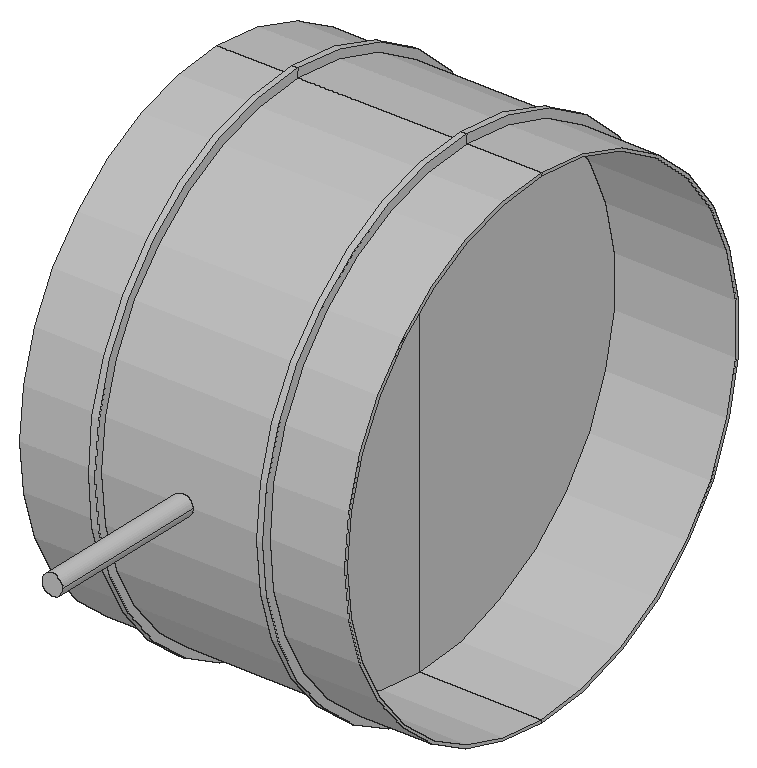
Revit family "Damper-Control-Carnes-Round-FAHA", category Duct Accessories, Revit 2012
Parameters (values of type "(See Type Catalog)")
  ecoScorecard_data = ""
  ecoScorecard Product Page = "http://www.ecoscorecard.com"
  URL = "http://www.carnes.com/index.html"
  Subcategory = "Louvers and Dampers"
  Specifications URL = "http://www.carnes.com/Louvers/pdf/17164.pdf"
  Shaft Diameter = 0.00"
  Product Page URL = "http://www.carnes.com/Louvers/FAHA.htm"
  Product Line = "Round Dampers"
  Pressure Drop = 0.00 in-wg
  Model = "FAHA"
  Minimum Size = "4\" Diameter"
  Maximum Vertical Size = "46\" Diameter"
  Maximum Velocity = 0 FPM
  Maximum Pressure Differential = 0.00"
  Maximum Horinzontal Size = "46\" Diameter"
  Manufacturer Toll Free Phone = ""
  Manufacturer Phone = "608-845-6411"
  Manufacturer Fax = "608-845-6470"
  Manufacturer Email = "mailto:carnes@carnes.com"
  Manufacturer Address = "448 S. Main St., P. O. Box 930040, Verona, WI 53593-0040"
  Manufacturer = "Carnes Company"
  Outside Diameter = Diameter Control + 0.13"  # 12.13"
  Frame Material = Aluminum - Carnes - Extruded
  Duct Connection Radius = Diameter Control / 2  # 6.00"
  Diameter Control = if(Diameter < 4.00", 4.00", if(Diameter > 46.00", 46.00", Diameter))  # 12.00"
  Diameter = 12.00"
  Description = "Round Dampers"
  Depth = 8.00"
  Damper Air Flow = 0 CFM
  Cost Info = "mailto:carnes@carnes.com"
  Connector Descriptor 2 = "Duct Connection 2"
  Connector Descriptor 1 = "Duct Connection 1"
  Catalog URL = "http://www.carnes.com/Louvers/pdf/f83.pdf"
  Body and Blade Gauge = ""
  Blade Material = Aluminum - Carnes - Extruded
  Assembly Code = "D3090700"
  Bearing Lenght = 4.00"
  95 CSI = "10200"
  04 CSI = "08 91 00"
Reference planes (in)
  plane 1 "Center (Front/Back)": y = 0
  plane 2: z = 0
  plane 3 "Center (Left/Right)": x = 0
  plane 4 "Back": y = 6
  plane 5 "Front": y = -6
  plane 6: y = 6.065
  plane 7: y = -6.065
  plane 8: y = -10.065
  plane 9 "Left": x = -4
  plane 10 "Right": x = 4
  plane 11: x = -2
  plane 12: x = 2
  plane 13: z = 6.07
Forms (in)
  Revolve 1, solid, material "Aluminum - Carnes - Extruded" <- "Frame Material"
    sketch origin (0, 0, 0) x (1, 0, 0) y (0, 0, 1)
      loop
        line (-4, 6) -> (-1, 6) -> (-1, 0) -> (1, 0) -> (1, 6) -> (4, 6) -> (4, 6.07) -> (2.15, 6.07) -> (2.15, 6.275) -> (2, 6.275) -> (2, 6.07) -> (-2, 6.07) -> (-2, 6.275) -> (-2.15, 6.275) -> (-2.15, 6.07) -> (-4, 6.07) -> (-4, 6)
      axis (-4, 0) -> (4, 0)
    angle from 0 to 360
  Extrusion 2, solid, material "Aluminum - Carnes - Extruded" <- "Frame Material", detail levels medium+fine
    sketch origin (0, 0, 0) x (1, 0, 0) y (0, 0, 1)
      loop
        circle (0, 0) r 0.25
    from 6 to 10.065
Lines and regions (in)
  Masking region 1
    outline origin (0, 0, 0) x (1, 0, 0) y (0, 1, 0)
      loop
        line (-4, -6.065) -> (-2, -6.065) -> (-2, -10.065) -> (2, -10.065) -> (2, -6.065) -> (4, -6.065) -> (4, 6.065) -> (-4, 6.065) -> (-4, -6.065)
  symbolic lines, detail levels medium+fine
    curve 1: line (-3.9375, -6.065, 0) -> (-3.9375, 6.065, 0)
    curve 2: line (3.9375, -6.065, 0) -> (3.9375, 6.065, 0)
    curve 5: line (-2, -6.065, 0) -> (2, -6.065, 0)
  symbolic lines, detail levels fine
    curve 3: line (-2, 6.065, 0) -> (-2, -6.065, 0)
    curve 4: line (2, 6.065, 0) -> (2, -6.065, 0)
Dimensions and locks (in)
  equal spacing: plane 4 "Back", plane 1 "Center (Front/Back)", plane 5 "Front"
  equal spacing: plane 6, plane 1 "Center (Front/Back)", plane 7
  "Duct Connection Radius": Revolve 1 sketch curve to plane 2
  Revolve 1 sketch curve to plane 3 "Center (Left/Right)" to Revolve 1 sketch curve = 1.00" locked, 1.00" locked
  "Bearing Lenght": plane 7 to plane 8
  locked: Revolve 1 sketch curve to Revolve 1 sketch curve at 0.07
  equal spacing: plane 9 "Left", plane 3 "Center (Left/Right)", plane 10 "Right"
  "Depth": plane 9 "Left" to plane 10 "Right"
  locked: plane 1 "Center (Front/Back)" to connector elem at 0
  locked: connector elem to level
  locked: connector elem to level at 0
  locked: plane 1 "Center (Front/Back)" to connector elem
  equal spacing: plane 12, plane 3 "Center (Left/Right)", plane 11
  locked: Revolve 1 sketch curve to plane 11 at 0.15
  locked: plane 12 to Revolve 1 sketch curve at 0.15
  "Diameter Control": plane 4 "Back" to plane 5 "Front"
  "Outside Diameter": plane 6 to plane 7
  locked: plane 12 to plane 11 at 4
  radius of Extrusion 2 sketch curve = 0.25"
  aligned and locked: level to plane 2
  aligned and locked: Revolve 1 sketch curve to plane 2  (x2)
  aligned and locked: plane 3 "Center (Left/Right)" to Extrusion 2 sketch curve
  aligned and locked: Extrusion 2 to plane 8
  aligned and locked: Extrusion 2 to plane 5 "Front"
  aligned and locked: Revolve 1 sketch curve to plane 9 "Left"
  aligned and locked: Revolve 1 sketch curve to plane 10 "Right"
  aligned and locked: plane 7 to curve 1
  aligned and locked: plane 7 to curve 2
  aligned and locked: plane 6 to curve 1
  aligned and locked: plane 6 to curve 2
  aligned and locked: Revolve 1 sketch curve to Revolve 1 sketch curve  (x3)
  aligned and locked: plane 12 to Revolve 1 sketch curve
  aligned and locked: plane 11 to Revolve 1 sketch curve
  aligned and locked: plane 2 to Extrusion 2 sketch curve
  aligned and locked: plane 6 to curve 3
  aligned and locked: plane 6 to curve 4
  aligned and locked: plane 7 to curve 3
  aligned and locked: plane 7 to curve 4
  aligned and locked: curve 4 to plane 12
  aligned and locked: curve 3 to plane 11
  aligned and locked: Masking region 1 sketch curve to plane 9 "Left"
  aligned and locked: Masking region 1 sketch curve to plane 6
  aligned and locked: plane 8 to Masking region 1 sketch curve
  aligned and locked: plane 11 to Masking region 1 sketch curve
  aligned and locked: plane 12 to Masking region 1 sketch curve
  aligned and locked: plane 11 to curve 5
  aligned and locked: plane 12 to curve 5
Automatic sketch dimensions
  plane 9 "Left" to Revolve 1 sketch curve = 0.79275"
  plane 10 "Right" to Revolve 1 sketch curve = 3.20725"
  Revolve 1 sketch curve to Revolve 1 sketch curve = 0.205"  (x2)
  curve 1 to plane 9 "Left" = 0.0625"
  curve 2 to plane 10 "Right" = 0.0625"
  Masking region 1 sketch curve to plane 10 "Right" = 0.00"
  plane 7 to Masking region 1 sketch curve = 0.00"  (x2)
Connectors (in)
  hvac at (-4, 0, 0), driven by "Duct Connection Radius", driven by "Damper Air Flow", driven by "Connector Descriptor 1", driven by "Pressure Drop"
    settings: index 1, duct flow 0 CFM, flow factor 0, pres drop 0.00 in-wg, loss coef 0, conn angle 0.00°, conn width 12", conn height 12", conn radius 6", duct sys type 29, conn prof type 0, flow config 0, flow direction 0, loss method 4, conn ref index 2, conn util no, is conn primary yes, conn desc "Duct Connection 1"
  hvac at (4, 0, 0), driven by "Duct Connection Radius", driven by "Damper Air Flow", driven by "Connector Descriptor 2", driven by "Pressure Drop"
    settings: index 2, duct flow 0 CFM, flow factor 0, pres drop 0.00 in-wg, loss coef 0, conn angle 0.00°, conn width 12", conn height 12", conn radius 6", duct sys type 29, conn prof type 0, flow config 0, flow direction 0, loss method 4, conn ref index 1, conn util no, is conn primary no, conn desc "Duct Connection 2"
Types in the file's own list only (43): name | Shaft Diameter | Maximum Velocity | Maximum Pressure Differential | Outside Diameter | Duct Connection Radius | Diameter Control | Diameter | Depth | Body and Blade Gauge | Bearing Lenght
  4” Dia - 2600 Max Velocity | 0.50 " | 2600 FPM | 6.00 " | 4.13 " | 2.00 " | 4.00 " | 4.00 " | 8.00 " | "24 ga." | 4.00 "
  5” Dia - 2600 Max Velocity | 0.50 " | 2600 FPM | 6.00 " | 5.13 " | 2.50 " | 5.00 " | 5.00 " | 8.00 " | "24 ga." | 4.00 "
  6” Dia - 2600 Max Velocity | 0.50 " | 2600 FPM | 6.00 " | 6.13 " | 3.00 " | 6.00 " | 6.00 " | 8.00 " | "24 ga." | 4.00 "
  7” Dia - 2600 Max Velocity | 0.50 " | 2600 FPM | 6.00 " | 7.13 " | 3.50 " | 7.00 " | 7.00 " | 8.00 " | "24 ga." | 4.00 "
  8” Dia - 2600 Max Velocity | 0.50 " | 2600 FPM | 6.00 " | 8.13 " | 4.00 " | 8.00 " | 8.00 " | 8.00 " | "24 ga." | 4.00 "
  9” Dia - 2600 Max Velocity | 0.50 " | 2600 FPM | 6.00 " | 9.13 " | 4.50 " | 9.00 " | 9.00 " | 8.00 " | "24 ga." | 4.00 "
  10” Dia - 2400 Max Velocity | 0.50 " | 2400 FPM | 5.00 " | 10.13 " | 5.00 " | 10.00 " | 10.00 " | 8.00 " | "24 ga." | 4.00 "
  11” Dia - 2400 Max Velocity | 0.50 " | 2400 FPM | 5.00 " | 11.13 " | 5.50 " | 11.00 " | 11.00 " | 8.00 " | "24 ga." | 4.00 "
  12” Dia - 2400 Max Velocity | 0.50 " | 2400 FPM | 5.00 " | 12.13 " | 6.00 " | 12.00 " | 12.00 " | 8.00 " | "20 ga." | 4.00 "
  13” Dia - 2400 Max Velocity | 0.50 " | 2400 FPM | 5.00 " | 13.13 " | 6.50 " | 13.00 " | 13.00 " | 8.00 " | "20 ga." | 4.00 "
  14” Dia - 2300 Max Velocity | 0.50 " | 2300 FPM | 4.00 " | 14.13 " | 7.00 " | 14.00 " | 14.00 " | 8.00 " | "20 ga." | 4.00 "
  15” Dia - 2300 Max Velocity | 0.50 " | 2300 FPM | 4.00 " | 15.13 " | 7.50 " | 15.00 " | 15.00 " | 8.00 " | "20 ga." | 4.00 "
  16” Dia - 2300 Max Velocity | 0.50 " | 2300 FPM | 4.00 " | 16.13 " | 8.00 " | 16.00 " | 16.00 " | 8.00 " | "20 ga." | 4.00 "
  17” Dia - 2300 Max Velocity | 0.50 " | 2300 FPM | 4.00 " | 17.13 " | 8.50 " | 17.00 " | 17.00 " | 8.00 " | "20 ga." | 4.00 "
  18” Dia - 2300 Max Velocity | 0.50 " | 2300 FPM | 4.00 " | 18.13 " | 9.00 " | 18.00 " | 18.00 " | 8.00 " | "20 ga." | 4.00 "
  19” Dia - 2300 Max Velocity | 0.50 " | 2300 FPM | 4.00 " | 19.13 " | 9.50 " | 19.00 " | 19.00 " | 8.00 " | "20 ga." | 4.00 "
  20” Dia - 2300 Max Velocity | 0.50 " | 2300 FPM | 4.00 " | 20.13 " | 10.00 " | 20.00 " | 20.00 " | 8.00 " | "20 ga." | 4.00 "
  21” Dia - 2300 Max Velocity | 0.50 " | 2300 FPM | 4.00 " | 21.13 " | 10.50 " | 21.00 " | 21.00 " | 8.00 " | "20 ga." | 4.00 "
  22” Dia - 2300 Max Velocity | 0.50 " | 2300 FPM | 4.00 " | 22.13 " | 11.00 " | 22.00 " | 22.00 " | 8.00 " | "20 ga." | 4.00 "
  23” Dia - 2300 Max Velocity | 0.50 " | 2300 FPM | 4.00 " | 23.13 " | 11.50 " | 23.00 " | 23.00 " | 8.00 " | "20 ga." | 4.00 "
  24” Dia - 2300 Max Velocity | 0.50 " | 2300 FPM | 4.00 " | 24.13 " | 12.00 " | 24.00 " | 24.00 " | 8.00 " | "20 ga." | 4.00 "
  25” Dia - 2300 Max Velocity | 0.50 " | 2300 FPM | 4.00 " | 25.13 " | 12.50 " | 25.00 " | 25.00 " | 8.00 " | "20 ga." | 4.00 "
  26” Dia - 2200 Max Velocity | 0.50 " | 2200 FPM | 2.50 " | 26.13 " | 13.00 " | 26.00 " | 26.00 " | 8.00 " | "20 ga." | 4.00 "
  27” Dia - 2200 Max Velocity | 0.50 " | 2200 FPM | 2.50 " | 27.13 " | 13.50 " | 27.00 " | 27.00 " | 8.00 " | "20 ga." | 4.00 "
  28” Dia - 2200 Max Velocity | 0.50 " | 2200 FPM | 2.50 " | 28.13 " | 14.00 " | 28.00 " | 28.00 " | 8.00 " | "20 ga." | 4.00 "
  29” Dia - 2200 Max Velocity | 0.50 " | 2200 FPM | 2.50 " | 29.13 " | 14.50 " | 29.00 " | 29.00 " | 8.00 " | "20 ga." | 4.00 "
  30” Dia - 2200 Max Velocity | 0.50 " | 2200 FPM | 2.50 " | 30.13 " | 15.00 " | 30.00 " | 30.00 " | 8.00 " | "20 ga." | 4.00 "
  31” Dia - 2200 Max Velocity | 0.50 " | 2200 FPM | 2.50 " | 31.13 " | 15.50 " | 31.00 " | 31.00 " | 8.00 " | "20 ga." | 4.00 "
  32” Dia - 2000 Max Velocity | 0.75 " | 2000 FPM | 1.75 " | 32.13 " | 16.00 " | 32.00 " | 32.00 " | 8.00 " | "18\"" | 4.00 "
  33” Dia - 2000 Max Velocity | 0.75 " | 2000 FPM | 1.75 " | 33.13 " | 16.50 " | 33.00 " | 33.00 " | 8.00 " | "18\"" | 4.00 "
  34” Dia - 2000 Max Velocity | 0.75 " | 2000 FPM | 1.75 " | 34.13 " | 17.00 " | 34.00 " | 34.00 " | 8.00 " | "18\"" | 4.00 "
  35” Dia - 2000 Max Velocity | 0.75 " | 2000 FPM | 1.75 " | 35.13 " | 17.50 " | 35.00 " | 35.00 " | 8.00 " | "18\"" | 4.00 "
  36” Dia - 2000 Max Velocity | 0.75 " | 2000 FPM | 1.75 " | 36.13 " | 18.00 " | 36.00 " | 36.00 " | 8.00 " | "18\"" | 4.00 "
  37” Dia - 2000 Max Velocity | 0.75 " | 2000 FPM | 1.75 " | 37.13 " | 18.50 " | 37.00 " | 37.00 " | 8.00 " | "18\"" | 4.00 "
  38” Dia - 2000 Max Velocity | 0.75 " | 2000 FPM | 1.75 " | 38.13 " | 19.00 " | 38.00 " | 38.00 " | 8.00 " | "18\"" | 4.00 "
  39” Dia - 2000 Max Velocity | 0.75 " | 2000 FPM | 1.75 " | 39.13 " | 19.50 " | 39.00 " | 39.00 " | 8.00 " | "18\"" | 4.00 "
  40” Dia - 2000 Max Velocity | 0.75 " | 2000 FPM | 1.75 " | 40.13 " | 20.00 " | 40.00 " | 40.00 " | 8.00 " | "18\"" | 4.00 "
  41” Dia - 2000 Max Velocity | 0.75 " | 2000 FPM | 1.75 " | 41.13 " | 20.50 " | 41.00 " | 41.00 " | 8.00 " | "18\"" | 4.00 "
  42” Dia - 2000 Max Velocity | 0.75 " | 2000 FPM | 1.75 " | 42.13 " | 21.00 " | 42.00 " | 42.00 " | 8.00 " | "18\"" | 4.00 "
  43” Dia - 2000 Max Velocity | 0.75 " | 2000 FPM | 1.75 " | 43.13 " | 21.50 " | 43.00 " | 43.00 " | 8.00 " | "18\"" | 4.00 "
  44” Dia - 2000 Max Velocity | 0.75 " | 2000 FPM | 1.75 " | 44.13 " | 22.00 " | 44.00 " | 44.00 " | 8.00 " | "18\"" | 4.00 "
  45” Dia - 2000 Max Velocity | 0.75 " | 2000 FPM | 1.75 " | 45.13 " | 22.50 " | 45.00 " | 45.00 " | 8.00 " | "18\"" | 4.00 "
  46” Dia - 2000 Max Velocity | 0.75 " | 2000 FPM | 1.75 " | 46.13 " | 23.00 " | 46.00 " | 46.00 " | 8.00 " | "18\"" | 4.00 "
